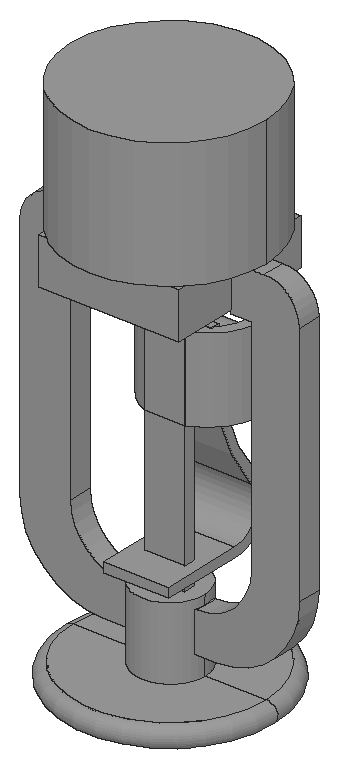
Revit family
Parameters (values of type "RASCO G PENDENT")
  Temperature Rating = 165 °F
  Response = (empty or 0)
  RASCO SIN # = "R1017"
  RASCO Part # = "GP1LC"
  Pressure Rating = "175 PSI"
  Pressure Class = (empty or 0)
  Orifice Size = 17/32"
  Orifice = (empty or 0)
  Model = "G"
  Manufacturer = "RASCO"
  K-Factor = 8.2
  Description = "Chrome Finish"
  Coverage = (empty or 0)
Reference planes (in)
  plane 1 "Center (Front/Back)": y = 0
  plane 2: z = 0
  plane 3 "Center (Left/Right)": x = 0
Dimensions and locks (in)
  aligned and locked: plane 2 to level
Nested families (in)
  nested 1: "GP1LC" at (-0.00619, -0.11499, 2.937) x (-1, 0, 0) z (0, 0, -1), type "RASCO G PENDENT"
Connectors (in)
  piping at (-0.00619, -0.11499, 2.937)
    settings: on nested 1, index 1, connector radius 1/2", flow factor 0, pipe flow 0 GPM, pressure drop 0.00 psi, fitting loss kfactor 0, connector angle 0.00°, fixture units 0, flow configuration 0, flow direction 0, fitting loss method 0, system type 7, connector reference index -1, connector utility 0, adjustable connector no, is connector primary yes, fitting loss table "", connector description ""
Definition of nested family "GP1LC"
  Parameters (values of type "RASCO G PENDENT")
    Type Comments = ""
    Temperature Rating = 0 °F
    Response = (empty or 0)
    Pressure Rating = "0"
    Pressure Class = (empty or 0)
    Orifice Size = 0"
    Orifice = (empty or 0)
    Model = ""
    Manufacturer = ""
    K-Factor = 0
    Description = ""
    Coverage = (empty or 0)
    Assembly Code = ""
  Reference planes (in)
    plane 1 "Center (Front/Back)": y = 0
    plane 2: z = 0
    plane 3 "ref.2": z = 0.6875
    plane 4 "ref.3": z = 0.9375
    plane 5: x = -0.38065
    plane 6: x = 0.36935
    plane 7 "ref. side 1": y = 0.06402
    plane 8 "ref. side 2": y = -0.06098
    plane 9 "ref.4": z = 1.875
    plane 10 "ref.5": z = 2.937
    plane 11 "center": x = -0.00574
  Forms (in)
    Extrusion 1, solid, material "Default"
      sketch origin (0, 0, 0) x (1, 0, 0) y (0, 1, 0)
        loop
          circle (0, 0) r 0.5245
      from 0 to 0.6875
    Extrusion 2, solid, material "Default"
      sketch origin (-0.12185, 0.05177, 0.6875) x (1, 0, 0) y (0, 1, 0)
        loop
          line (-0.2588, 0.356) -> (-0.2588, -0.4565) -> (0.4912, -0.4565) -> (0.4912, 0.356) -> (-0.2588, 0.356)
      from 0 to 0.25
    Extrusion 3, solid, material "Default"
      sketch origin (-0.00034, 0, 0.01527) x (1, 0, 0) y (0, 0, 1)
        loop
          line (-0.49248, 0.9375) -> (-0.49248, 2.1327)
          arc (-0.49248, 2.1327) -> (-0.40724, 2.33849) -> (-0.20145, 2.42373) r 0.29103
          line (-0.20145, 2.42373) -> (0.18108, 2.42373)
          arc (0.18108, 2.42373) -> (0.38905, 2.33759) -> (0.47519, 2.12963) r 0.29411
          line (0.47519, 2.12963) -> (0.47519, 0.9375) -> (0.36935, 0.9375) -> (0.36935, 0.6875) -> (0.55741, 0.6875)
          arc (0.55741, 0.6875) -> (0.69165, 0.7431) -> (0.74725, 0.87734) r 0.18984
          line (0.74725, 0.87734) -> (0.74725, 2.19113)
          arc (0.74725, 2.19113) -> (0.61669, 2.50631) -> (0.3015, 2.63687) r 0.44574
          line (0.3015, 2.63687) -> (-0.30719, 2.63687)
          arc (-0.30719, 2.63687) -> (-0.62225, 2.50637) -> (-0.75275, 2.19131) r 0.44556
          line (-0.75275, 2.19131) -> (-0.75275, 0.87876)
          arc (-0.75275, 0.87876) -> (-0.69673, 0.74352) -> (-0.56149, 0.6875) r 0.19126
          line (-0.56149, 0.6875) -> (-0.38065, 0.6875) -> (-0.38065, 0.9375) -> (-0.49248, 0.9375)
      from -0.06402 to 0.06098
    Extrusion 4, solid, material "Default"
      sketch origin (-0.00199, 0, 2.4995) x (-1, 0, 0) y (0, -1, 0)
        loop
          circle (0.00574, -0.00152) r 0.1875
      from -0.10571 to 0.4375
    Revolve 5, solid, material "Default"
      sketch origin (-0.00271, 0, 0.37011) x (1, 0, 0) y (0, 0, 1)
        loop
          line (-0.00574, 2.41148) -> (-0.00574, 2.52696) -> (-0.52388, 2.52696)
          arc (-0.52388, 2.52696) -> (-0.58162, 2.46922) -> (-0.52388, 2.41148) r 0.05774
          line (-0.52388, 2.41148) -> (-0.00574, 2.41148)
        axis (-0.00574, 2.41148) -> (-0.00574, 2.52696)
      angle from 0 to 360
    Extrusion 6, solid, material "Default"
      sketch origin (0, 0, 0.9375) x (-1, 0, 0) y (0, -1, 0)
        loop
          line (-0.10175, -0.02852) -> (0.11324, -0.02852) -> (0.11324, 0.03101) -> (-0.10175, 0.03101) -> (-0.10175, -0.02852)
      from 0 to 1.45629
    Extrusion 7, solid, material "Default"
      sketch origin (-0.00574, -0.0095, -0.07537) x (0, 0, -1) y (0, -1, 0)
        loop
          line (-2.39379, 0.21198) -> (-2.39379, -0.229)
          arc (-2.39379, -0.229) -> (-2.26956, -0.41579) -> (-2.04926, -0.37342) r 0.20254
          arc (-2.04926, -0.37342) -> (-1.6599, -0.16721) -> (-1.22163, -0.12207) r 1.15319
          line (-1.22163, -0.12207) -> (-1.22163, -0.07087)
          arc (-1.22163, -0.07087) -> (-1.6782, -0.11947) -> (-2.0834, -0.33544) r 1.20419
          arc (-2.0834, -0.33544) -> (-2.24878, -0.36919) -> (-2.34279, -0.229) r 0.15154
          line (-2.34279, -0.229) -> (-2.34279, 0.21198) -> (-2.39379, 0.21198)
      from -0.17255 to 0.17398
    Extrusion 8, solid, material "Default"
      sketch origin (0, 0, 0) x (1, 0, 0) y (0, 1, 0)
        loop
          arc (0.23993, 0.23051) -> (0.19768, 0.11115) -> (0.10175, 0.02852) r 0.24647
          line (0.10175, 0.02852) -> (-0.11324, 0.02852)
          arc (-0.11324, 0.02852) -> (-0.21767, 0.12447) -> (-0.25194, 0.2621) r 0.24647
          line (-0.25194, 0.2621) -> (-0.25194, 0.40777) -> (-0.30719, 0.40777) -> (-0.30719, 0.25942)
          arc (-0.30719, 0.25942) -> (-0.25653, 0.08328) -> (-0.11324, -0.03101) r 0.30157
          line (-0.11324, -0.03101) -> (0.10175, -0.03101)
          arc (0.10175, -0.03101) -> (0.24461, 0.08262) -> (0.29574, 0.25785) r 0.30157
          line (0.29574, 0.25785) -> (0.29574, 0.40777) -> (0.23993, 0.40777) -> (0.23993, 0.23051)
      from 1.14626 to 1.59756
    Extrusion 9, solid, material "Default"
      sketch origin (-0.00574, -0.0095, -0.07537) x (0, 0, -1) y (0, -1, 0)
        loop
          circle (-1.44728, -0.26892) r 0.13147
      from -0.24568 to 0.24619
  Cuts and joins
    joined: Extrusion 1, Extrusion 2, Revolve 5
  Dimensions and locks (in)
    plane 10 "ref.5" to level = 2.937"
